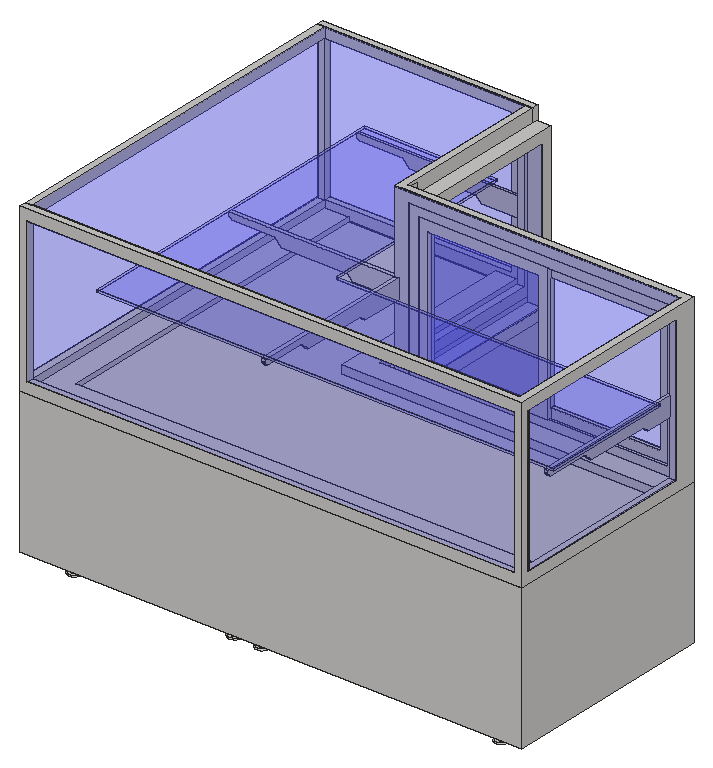
Revit family "Food-Service-Equipment_Oscartek_Italia_1-A90-A1_cat", category Specialty Equipment, Revit 2026
Family settings
  Round Connector Dimension = Use Diameter
  Part Type = Normal
  Classification Number = 23.40.40.11.17
  Work Plane-Based = No
  Enable Cutting in Views = No
  Always vertical = Yes
  Cut with Voids When Loaded = No
  Maintain Annotation Orientation = No
  Shared = No
  Room Calculation Point = No
Parameters
  Weight in Pounds = 721
  Watts = 1320 W
  Volts = 220 V
  URL Cutsheet = "www.oscartek.com"
  URL = "www.oscartek.com"
  Type Comments = "As Specified"
  Test Data = "http://www.oscartek.com/company/clients.php"
  Specification by User = ""
  Specification by Manufacturer = ""
  Specification = "https://www.arcat.com/arcatcos/cos48/arc48760.html"
  Show Lift Up Front Glass [instance] = yes
  Show Clearance [instance] = yes
  Serial Number = ""
  Seismic Rating = ""
  Sales Information = "http://www.oscartek.com/company/contact.php"
  SMACNA No = ""
  Revision Code = ""
  Revision = "R1_2018-10"
  Refrigerant Volume = 0.00 kip
  Refrigerant Type = "R404A"
  Product Data = "http://www.oscartek.com/support/manuals/"
  Phase = 1
  Number of Poles = 1
  NAFEM Spec ID Number = ""
  Model = "ITALIA 1 A90-A1"
  Min Ckt Ampacity = 0 A
  Max Overcurrent Protection = 0 A
  Masterspec = ""
  Manufacturer Website = "http://www.oscartek.com/index.php"
  Manufacturer Phone - Toll Free = "855-885-2400"
  Manufacturer Phone = "650-342-2400"
  Manufacturer Fax = "650-342-7400"
  Manufacturer Address = "361 Beach Rd., Burlingame, CA 94010"
  Manufacturer = "OSCARTEK"
  Lift up front glass [instance] = and(Show Clearance, Show Lift Up Front Glass)  # yes
  Length = 72 1/16"
  Item Number = ""
  Installed By = ""
  Installation-Fabrication = "http://www.oscartek.com/support/manuals/"
  Identify Quantity as Lot = yes
  Height = 45 1/4"
  HP = ""
  Green Building-LEED = "https://www.arcat.com/green/green_building.shtml"
  Furnished By = ""
  Foodservice Equipment Identifier = yes
  FL Amps = 11 A
  Electrical Remarks = ""
  Electric Connection Type = ""
  Elec Conn RI Height = 0"
  Elec Conn Connection Height = 0"
  Drawn By = "Sumex Design, Inc. / Robert S. Weygant, CSI, CDT, SCIP"
  Description = "DELI/PASTRY SHOWCASE"
  Depth = 54 7/16"
  Default Elevation = 0"
  Cycle = 60 Hz
  Copyright = "©Arcat Inc."
  Construction Details = "http://www.oscartek.com/support/manuals/"
  Conn Plug = ""
  Conn Conduit = yes
  Category = ""
  CSI MasterFormat = "11 41 13"
  Building Codes = "https://www.arcat.com/arcatcos/cos48/arc48760.html"
  BTUH = 7500.0 Btu/h
  Apparent Power = 0 VA
Reference planes (in)
  plane 1 "BACK": y = 0
  plane 2: z = 0
  plane 3 "LEFT": x = 0
  plane 4 "RIGHT": x = 72.0625
  plane 5 "FRONT": y = -54.4375
  plane 6 "TOP": z = 45.25
  plane 7 "Center Y": x = 36.03125
  plane 8 "Center X": y = -27.21875
  plane 9: y = -2.06737
  plane 10: y = -21.69237
  plane 11: x = 41.125
  plane 12: x = 26.9375
  plane 13: y = -23.5
Forms (in)
  Extrusion 1, solid, material "QF_Metal - Stainless - Polished"
    sketch origin (33.1196, 0, 43.41639) x (0, 0, -1) y (0, 1, 0)
      loop
        line (24.10512, -0.5) -> (-0.05904, -0.5) -> (-0.05904, -23) -> (24.10512, -23) -> (24.10512, -0.5)
      loop
        line (1.44096, -21.5) -> (22.60512, -21.5) -> (22.60512, -2) -> (1.44096, -2) -> (1.44096, -21.5)
    from 0 to -2.1821
  Sweep 2, solid, material "Glass"
    path origin (72.0625, 0, 0) x (-1, 0, 0) y (0, -1, 0)
      loop
        line (0.25, 26.125) -> (43.73969, 26.125) -> (43.73969, 0.25)
    profile origin (28.32281, -13.1875, 0) x (-1, 0, 0) y (0, 0, 1)
      loop
        line (22.18718, 33.90148) -> (2.99968, 33.90148) -> (2.99968, 33.50785) -> (22.18718, 33.50785) -> (22.18718, 33.90148)
  Extrusion 3, solid, material "QF_Metal - Stainless - Polished"
    sketch origin (0, 0, 0) x (-1, 0, 0) y (0, 0, -1)
      loop
        line (0, -45.25) -> (0, -21.4357) -> (-30.9375, -21.4357) -> (-30.9375, -45.25) -> (0, -45.25)
      loop
        line (-1, -43.75) -> (-1, -22.9357) -> (-27.9375, -22.9357) -> (-27.9375, -43.75) -> (-1, -43.75)
    from 0 to 1
  Sweep 4, solid, material "QF_Metal - Stainless - Polished"
    path origin (72.0625, 0, 0) x (-1, 0, 0) y (0, -1, 0)
      loop
        line (72.0625, 1) -> (72.0625, 54.4375) -> (1, 54.4375)
    profile origin (0, -27.71875, 0) x (1, 0, 0) y (0, 0, 1)
      loop
        line (0, 0.73649) -> (30.9375, 0.73649) -> (30.9375, 21.4357) -> (28.69526, 21.4357) -> (28.69526, 22.51029) -> (25.69977, 22.51029) -> (25.69977, 21.36878) -> (4.48733, 21.36878) -> (4.48733, 21.97496) -> (1.10216, 21.97496) -> (1.10216, 21.4357) -> (0, 21.4357) -> (0, 0.73649)
  Extrusion 5, solid, material "QF_Metal - Stainless - Polished"
    sketch origin (72.0625, -54.4375, 0) x (-1, 0, 0) y (0, 0, -1)
      loop
        line (72.0625, -45.25) -> (72.0625, -21.4357) -> (0, -21.4357) -> (0, -45.25) -> (72.0625, -45.25)
      loop
        line (71.0625, -43.75) -> (71.0625, -22.9357) -> (1, -22.9357) -> (1, -43.75) -> (71.0625, -43.75)
    from 0 to -1
  Extrusion 6, solid, material "QF_Metal - Stainless - Polished"
    sketch origin (30.9375, 0, 45.25) x (0, 0, -1) y (0, 1, 0)
      loop
        line (0, -1) -> (0, -24.5) -> (23.8143, -24.5) -> (23.8143, -21.5) -> (2.5, -21.5) -> (2.5, -2) -> (23.8143, -2) -> (23.8143, -1) -> (0, -1)
    from 0 to -1
  Extrusion 7, solid, material "QF_Metal - Stainless - Polished"
    sketch origin (72.0625, -23.5, 48) x (1, 0, 0) y (0, 0, -1)
      loop
        line (0, 26.5643) -> (-1.5, 26.5643) -> (-1.5, 4.25) -> (-40.125, 4.25) -> (-40.125, 26.5643) -> (-41.125, 26.5643) -> (-41.125, 2.75) -> (0, 2.75) -> (0, 26.5643)
    from 0 to -1
  Extrusion 8, solid, material "QF_Metal - Stainless - Polished"
    sketch origin (71.8125, -23, 0) x (-1, 0, 0) y (0, 0, 1)
      loop
        line (38.96407, 18.86024) -> (38.96407, 18.74215) -> (40.79485, 18.74215) -> (40.79485, 17.87617) -> (40.875, 17.87617) -> (40.875, 18.86024) -> (38.96407, 18.86024)
    from 0 to 1
  Revolve 9, solid, material "QF_Metal - Stainless - Polished"
    sketch origin (71.8125, -22.5, 0) x (-1, 0, 0) y (0, 0, 1)
      loop
        line (39.5569, 18.86024) -> (39.75371, 18.86024) -> (39.75371, 19.31127) -> (39.5569, 19.31127) -> (39.5569, 18.86024)
      axis (39.5569, 19.31127) -> (39.5569, 18.86024)
    angle from 0 to 360
  Extrusion 10, solid, material "QF_Metal - Stainless - Polished"
    sketch origin (71.8125, -23, 62.7867) x (-1, 0, 0) y (0, 0, 1)
      loop
        line (38.96407, -18.86024) -> (40.875, -18.86024) -> (40.875, -17.87617) -> (40.79485, -17.87617) -> (40.79485, -18.74215) -> (38.96407, -18.74215) -> (38.96407, -18.86024)
    from 0 to 1
  Revolve 11, solid, material "QF_Metal - Stainless - Polished"
    sketch origin (71.8125, -22.5, 62.7867) x (-1, 0, 0) y (0, 0, 1)
      loop
        line (39.5569, -18.86024) -> (39.5569, -19.31127) -> (39.75371, -19.31127) -> (39.75371, -18.86024) -> (39.5569, -18.86024)
      axis (39.5569, -19.31127) -> (39.5569, -18.86024)
    angle from 0 to 360
  Extrusion 12, solid, material "QF_Metal - Stainless - Polished"
    sketch origin (72.0625, 0, 0) x (0, 1, 0) y (0, 0, -1)
      loop
        line (-53.4375, -43.75) -> (-53.4375, -45.25) -> (-1, -45.25) -> (-1, -43.75) -> (-53.4375, -43.75)
      loop
        line (-53.4375, -21.4357) -> (-53.4375, -22.9357) -> (-1, -22.9357) -> (-1, -21.4357) -> (-53.4375, -21.4357)
    from 71.0625 to 72.0625
  Extrusion 13, solid, material "Glass"
    sketch origin (0, 0, 45.25) x (1, 0, 0) y (0, 1, 0)
      loop
        line (1, -53.4375) -> (71.0625, -53.4375) -> (71.0625, -24.5) -> (29.9375, -24.5) -> (29.9375, -1) -> (1, -1) -> (1, -53.4375)
    from 0 to -0.125
  Extrusion 14, solid, material "Glass"
    sketch origin (72.0625, -54.4375, 0) x (-1, 0, 0) y (0, 0, -1)
      loop
        line (1, -22.9357) -> (1, -43.75) -> (71.0625, -43.75) -> (71.0625, -22.9357) -> (1, -22.9357)
    from 0 to -0.125
  Extrusion 15, solid, material "Glass"
    sketch origin (72.0625, -23.5, 21.4357) x (0, 0, 1) y (0, -1, 0)
      loop
        line (1.5, 3) -> (22.3143, 3) -> (22.3143, 29.4375) -> (1.5, 29.4375) -> (1.5, 3)
    from 0 to -0.125
  Extrusion 16, solid, material "Glass"
    sketch origin (0, 0, 45.25) x (0, 0, -1) y (0, -1, 0)
      loop
        line (22.3143, 53.4375) -> (1.5, 53.4375) -> (1.5, 1) -> (22.3143, 1) -> (22.3143, 53.4375)
    from 0 to -0.125
  Extrusion 17, solid, material "Glass"
    sketch origin (0, 0, 0) x (1, 0, 0) y (0, 0, -1)
      loop
        line (1, -22.9357) -> (1, -43.75) -> (27.9375, -43.75) -> (27.9375, -22.9357) -> (1, -22.9357)
    from 0 to -0.125
  Extrusion 18, solid, material "QF_Metal - Stainless - Polished"
    sketch origin (72.0625, -23.5, 48) x (1, 0, 0) y (0, 0, -1)
      loop
        line (-2.875, 5.625) -> (-2.875, 25.1893) -> (-21.5, 25.1893) -> (-21.5, 5.625) -> (-2.875, 5.625)
      loop
        line (-20.125, 7) -> (-4.25, 7) -> (-4.25, 23.8143) -> (-20.125, 23.8143) -> (-20.125, 7)
    from 0 to -0.5
  Extrusion 19, solid, material "QF_Metal - Stainless - Polished"
    sketch origin (72.0625, -23.5, 48) x (1, 0, 0) y (0, 0, -1)
      loop
        line (-38.75, 25.1893) -> (-38.75, 5.625) -> (-20.125, 5.625) -> (-20.125, 25.1893) -> (-38.75, 25.1893)
      loop
        line (-37.375, 7) -> (-21.5, 7) -> (-21.5, 23.8143) -> (-37.375, 23.8143) -> (-37.375, 7)
    from -1 to -0.5
  Extrusion 20, solid, material "QF_Metal - Stainless - Polished"
    sketch origin (72.0625, -23.5, 48) x (1, 0, 0) y (0, 0, -1)
      loop
        line (-40.125, 26.5643) -> (-40.125, 4.25) -> (-1.5, 4.25) -> (-1.5, 26.5643) -> (-40.125, 26.5643)
      loop
        line (-2.875, 5.625) -> (-2.875, 25.1893) -> (-38.75, 25.1893) -> (-38.75, 5.625) -> (-2.875, 5.625)
    from 0 to -1
  Extrusion 21, solid, material "QF_Metal - Stainless - Polished"
    sketch origin (72.0625, 0, 0) x (0, 1, 0) y (0, 0, -1)
      loop
        line (-23.5, -21.4357) -> (-54.4375, -21.4357) -> (-54.4375, -45.25) -> (-23.5, -45.25) -> (-23.5, -21.4357)
      loop
        line (-26.5, -43.75) -> (-26.5, -22.9357) -> (-53.4375, -22.9357) -> (-53.4375, -43.75) -> (-26.5, -43.75)
    from 0 to 1
  Extrusion 22, solid, material "QF_Metal - Stainless - Polished"
    sketch origin (72.0625, 0, 0) x (0, 1, 0) y (0, 0, -1)
      loop
        line (-1, -45.25) -> (-1, -21.4357) -> (-24.5, -21.4357) -> (-24.5, -45.25) -> (-1, -45.25)
      loop
        line (-2.5, -43.75) -> (-2.5, -22.9357) -> (-23, -22.9357) -> (-23, -43.75) -> (-2.5, -43.75)
    from 41.125 to 42.125
  Extrusion 23, solid, material "Glass"
    sketch origin (33.1196, 0, 43.41639) x (0, 0, -1) y (0, 1, 0)
      loop
        line (22.60512, -2) -> (1.44096, -2) -> (1.44096, -21.5) -> (22.60512, -21.5) -> (22.60512, -2)
    from 0 to -0.125
  Extrusion 24, solid, material "Glass"
    sketch origin (72.0625, -24, 48) x (1, 0, 0) y (0, 0, -1)
      loop
        line (-37.375, 23.8143) -> (-37.375, 7) -> (-21.5, 7) -> (-21.5, 23.8143) -> (-37.375, 23.8143)
    from 0 to -0.125
  Extrusion 25, solid, material "Glass"
    sketch origin (72.0625, -23.5, 48) x (1, 0, 0) y (0, 0, -1)
      loop
        line (-20.125, 23.8143) -> (-20.125, 7) -> (-4.25, 7) -> (-4.25, 23.8143) -> (-20.125, 23.8143)
    from 0 to -0.125
  Extrusion 26, solid, material "QF_Metal - Stainless - Polished"
    sketch origin (0, -1, 0) x (-1, 0, 0) y (0, 0, 1)
      loop
        line (0, 21.4357) -> (-30.9375, 21.4357) -> (-30.9375, 0.73649) -> (0, 0.73649) -> (0, 21.4357)
    from 0 to 1
  Extrusion 27, solid, material "QF_Metal - Stainless - Polished"
    sketch origin (0, 0, 0) x (-1, 0, 0) y (0, 0, -1)
      loop
        line (-29.9375, -30.7387) -> (-29.9375, -33.50785) -> (-6.06808, -33.50785) -> (-6.06808, -33.07064)
        arc (-6.06808, -33.07064) -> (-6.07707, -33.02545) -> (-6.10267, -32.98714) r 0.11809
        line (-6.10267, -32.98714) -> (-6.42759, -32.66279)
        arc (-6.42759, -32.66279) -> (-6.46604, -32.637) -> (-6.51145, -32.62794) r 0.11833
        line (-6.51145, -32.62794) -> (-12.61607, -32.62811) -> (-13.70445, -31.53973) -> (-23.15145, -31.53973) -> (-23.95248, -30.7387) -> (-29.9375, -30.7387)
    from 1 to 1.5
  Extrusion 28, solid, material "QF_Metal - Stainless - Polished"
    sketch origin (72.0625, -23, 0) x (-1, 0, 0) y (0, 0, -1)
      loop
        line (42.125, -30.7387) -> (42.125, -33.50785) -> (65.99442, -33.50785) -> (65.99442, -33.07064)
        arc (65.99442, -33.07064) -> (65.98543, -33.02545) -> (65.95983, -32.98714) r 0.11809
        line (65.95983, -32.98714) -> (65.63491, -32.66279)
        arc (65.63491, -32.66279) -> (65.59646, -32.637) -> (65.55105, -32.62794) r 0.11833
        line (65.55105, -32.62794) -> (59.44643, -32.62811) -> (58.35805, -31.53973) -> (48.91105, -31.53973) -> (48.11002, -30.7387) -> (42.125, -30.7387)
    from 1 to 1.5
  Extrusion 29, solid, material "QF_Metal - Stainless - Polished"
    sketch origin (28.9375, 17.625, 0) x (0, -1, 0) y (0, 0, -1)
      loop
        line (42.125, -30.7387) -> (42.125, -33.50785) -> (65.99442, -33.50785) -> (65.99442, -33.07064)
        arc (65.99442, -33.07064) -> (65.98543, -33.02545) -> (65.95983, -32.98714) r 0.11809
        line (65.95983, -32.98714) -> (65.63491, -32.66279)
        arc (65.63491, -32.66279) -> (65.59646, -32.637) -> (65.55105, -32.62794) r 0.11833
        line (65.55105, -32.62794) -> (59.44643, -32.62811) -> (58.35805, -31.53973) -> (48.91105, -31.53973) -> (48.11002, -30.7387) -> (42.125, -30.7387)
    from 1 to 1.5
  Extrusion 30, solid, material "QF_Metal - Stainless - Polished"
    sketch origin (69.5625, 17.625, 0) x (0, -1, 0) y (0, 0, -1)
      loop
        line (42.125, -30.7387) -> (42.125, -33.50785) -> (65.99442, -33.50785) -> (65.99442, -33.07064)
        arc (65.99442, -33.07064) -> (65.98543, -33.02545) -> (65.95983, -32.98714) r 0.11809
        line (65.95983, -32.98714) -> (65.63491, -32.66279)
        arc (65.63491, -32.66279) -> (65.59646, -32.637) -> (65.55105, -32.62794) r 0.11833
        line (65.55105, -32.62794) -> (59.44643, -32.62811) -> (58.35805, -31.53973) -> (48.91105, -31.53973) -> (48.11002, -30.7387) -> (42.125, -30.7387)
    from 1 to 1.5
  Extrusion 31, solid, material "QF_Door-Drawer Clearances", visible <- "Show Clearance", detail levels coarse
    sketch origin (72.0625, 0, 0) x (-1, 0, 0) y (0, -1, 0)
      loop
        line (38.9429, 0.5) -> (38.9429, 23) -> (16.4429, 23)
        arc (16.4429, 23) -> (23.033, 7.0901) -> (38.9429, 0.5) r 22.5
    from 19.31127 to 43.47543
  Extrusion 32, solid, material "QF_Plastic - Black - Smooth"
    sketch origin (0, 0, 0) x (-1, 0, 0) y (0, 0, -1)
      loop
        line (-40.82236, -11.96725) -> (-38.73924, -11.96725) -> (-38.73924, -11.02611) -> (-40.82236, -11.02611) -> (-40.82236, -11.96725)
      loop
        line (-36.76638, -11.96725) -> (-36.23871, -11.96725) -> (-36.23871, -11.55772) -> (-36.76638, -11.55772) -> (-36.76638, -11.96725)
      loop
        line (-37.37675, -11.96725) -> (-36.84907, -11.96725) -> (-36.84907, -11.55772) -> (-37.37675, -11.55772) -> (-37.37675, -11.96725)
      loop
        line (-37.98711, -11.96725) -> (-37.45944, -11.96725) -> (-37.45944, -11.55772) -> (-37.98711, -11.55772) -> (-37.98711, -11.96725)
      loop
        line (-38.59748, -11.96725) -> (-38.06981, -11.96725) -> (-38.06981, -11.55772) -> (-38.59748, -11.55772) -> (-38.59748, -11.96725)
      loop
        line (-36.76638, -11.45332) -> (-36.23871, -11.45332) -> (-36.23871, -11.04378) -> (-36.76638, -11.04378) -> (-36.76638, -11.45332)
      loop
        line (-37.37675, -11.45332) -> (-36.84907, -11.45332) -> (-36.84907, -11.04378) -> (-37.37675, -11.04378) -> (-37.37675, -11.45332)
      loop
        line (-37.98711, -11.45332) -> (-37.45944, -11.45332) -> (-37.45944, -11.04378) -> (-37.98711, -11.04378) -> (-37.98711, -11.45332)
      loop
        line (-38.59748, -11.45332) -> (-38.06981, -11.45332) -> (-38.06981, -11.04378) -> (-38.59748, -11.04378) -> (-38.59748, -11.45332)
      loop
        circle (-34.59269, -7.24184) r 0.25596
    from 23.375 to 23.5
  Revolve 33, solid, material "QF_Metal - Stainless - Polished"
    sketch origin (33.69331, -1, 0) x (-1, 0, 0) y (0, 0, -1)
      loop
        line (3.94297, -0.73649) -> (3.94297, -0.53581) -> (3.80514, -0.53581) -> (3.80514, -0.37829) -> (3.98235, -0.37829) -> (3.98235, -0.2106) -> (4.53253, -0.2106) -> (4.58287, -0.10265) -> (4.35232, 0) -> (3.60825, 0) -> (3.60825, -0.73649) -> (3.94297, -0.73649)
      axis (3.60825, 0) -> (3.60825, -0.73649)
    angle from 0 to 360
  Revolve 34, solid, material "QF_Metal - Stainless - Polished"
    sketch origin (10.65698, -1, 0) x (-1, 0, 0) y (0, 0, -1)
      loop
        line (3.94297, -0.73649) -> (3.94297, -0.53581) -> (3.80514, -0.53581) -> (3.80514, -0.37829) -> (3.98235, -0.37829) -> (3.98235, -0.2106) -> (4.53253, -0.2106) -> (4.58287, -0.10265) -> (4.35232, 0) -> (3.60825, 0) -> (3.60825, -0.73649) -> (3.94297, -0.73649)
      axis (3.60825, 0) -> (3.60825, -0.73649)
    angle from 0 to 360
  Revolve 35, solid, material "QF_Metal - Stainless - Polished"
    sketch origin (10.65698, -23.625, 0) x (-1, 0, 0) y (0, 0, 1)
      loop
        line (3.94297, 0.73649) -> (3.60825, 0.73649) -> (3.60825, 0) -> (4.35232, 0) -> (4.58287, 0.10265) -> (4.53253, 0.2106) -> (3.98235, 0.2106) -> (3.98235, 0.37829) -> (3.80514, 0.37829) -> (3.80514, 0.53581) -> (3.94297, 0.53581) -> (3.94297, 0.73649)
      axis (3.60825, 0) -> (3.60825, 0.73649)
    angle from 0 to 360
  Revolve 36, solid, material "QF_Metal - Stainless - Polished"
    sketch origin (72.0625, -26.45632, 0) x (-1, 0, 0) y (0, 0, 1)
      loop
        line (3.94297, 0.73649) -> (3.60825, 0.73649) -> (3.60825, 0) -> (4.35232, 0) -> (4.58287, 0.10265) -> (4.53253, 0.2106) -> (3.98235, 0.2106) -> (3.98235, 0.37829) -> (3.80514, 0.37829) -> (3.80514, 0.53581) -> (3.94297, 0.53581) -> (3.94297, 0.73649)
      axis (3.60825, 0) -> (3.60825, 0.73649)
    angle from 0 to 360
  Revolve 37, solid, material "QF_Metal - Stainless - Polished"
    sketch origin (37.65597, -26.45632, 0) x (-1, 0, 0) y (0, 0, 1)
      loop
        line (3.94297, 0.73649) -> (3.60825, 0.73649) -> (3.60825, 0) -> (4.35232, 0) -> (4.58287, 0.10265) -> (4.53253, 0.2106) -> (3.98235, 0.2106) -> (3.98235, 0.37829) -> (3.80514, 0.37829) -> (3.80514, 0.53581) -> (3.94297, 0.53581) -> (3.94297, 0.73649)
      axis (3.60825, 0) -> (3.60825, 0.73649)
    angle from 0 to 360
  Revolve 38, solid, material "QF_Metal - Stainless - Polished"
    sketch origin (33.69331, -26.45632, 0) x (-1, 0, 0) y (0, 0, 1)
      loop
        line (3.94297, 0.73649) -> (3.60825, 0.73649) -> (3.60825, 0) -> (4.35232, 0) -> (4.58287, 0.10265) -> (4.53253, 0.2106) -> (3.98235, 0.2106) -> (3.98235, 0.37829) -> (3.80514, 0.37829) -> (3.80514, 0.53581) -> (3.94297, 0.53581) -> (3.94297, 0.73649)
      axis (3.60825, 0) -> (3.60825, 0.73649)
    angle from 0 to 360
  Revolve 39, solid, material "QF_Metal - Stainless - Polished"
    sketch origin (72.0625, -53.4375, 0) x (-1, 0, 0) y (0, 0, 1)
      loop
        line (3.94297, 0.73649) -> (3.60825, 0.73649) -> (3.60825, 0) -> (4.35232, 0) -> (4.58287, 0.10265) -> (4.53253, 0.2106) -> (3.98235, 0.2106) -> (3.98235, 0.37829) -> (3.80514, 0.37829) -> (3.80514, 0.53581) -> (3.94297, 0.53581) -> (3.94297, 0.73649)
      axis (3.60825, 0) -> (3.60825, 0.73649)
    angle from 0 to 360
  Revolve 40, solid, material "QF_Metal - Stainless - Polished"
    sketch origin (37.65597, -53.4375, 0) x (-1, 0, 0) y (0, 0, 1)
      loop
        line (3.94297, 0.73649) -> (3.60825, 0.73649) -> (3.60825, 0) -> (4.35232, 0) -> (4.58287, 0.10265) -> (4.53253, 0.2106) -> (3.98235, 0.2106) -> (3.98235, 0.37829) -> (3.80514, 0.37829) -> (3.80514, 0.53581) -> (3.94297, 0.53581) -> (3.94297, 0.73649)
      axis (3.60825, 0) -> (3.60825, 0.73649)
    angle from 0 to 360
  Revolve 41, solid, material "QF_Metal - Stainless - Polished"
    sketch origin (33.69331, -53.4375, 0) x (-1, 0, 0) y (0, 0, 1)
      loop
        line (3.94297, 0.73649) -> (3.60825, 0.73649) -> (3.60825, 0) -> (4.35232, 0) -> (4.58287, 0.10265) -> (4.53253, 0.2106) -> (3.98235, 0.2106) -> (3.98235, 0.37829) -> (3.80514, 0.37829) -> (3.80514, 0.53581) -> (3.94297, 0.53581) -> (3.94297, 0.73649)
      axis (3.60825, 0) -> (3.60825, 0.73649)
    angle from 0 to 360
  Revolve 42, solid, material "QF_Metal - Stainless - Polished"
    sketch origin (10.65698, -53.4375, 0) x (-1, 0, 0) y (0, 0, 1)
      loop
        line (3.94297, 0.73649) -> (3.60825, 0.73649) -> (3.60825, 0) -> (4.35232, 0) -> (4.58287, 0.10265) -> (4.53253, 0.2106) -> (3.98235, 0.2106) -> (3.98235, 0.37829) -> (3.80514, 0.37829) -> (3.80514, 0.53581) -> (3.94297, 0.53581) -> (3.94297, 0.73649)
      axis (3.60825, 0) -> (3.60825, 0.73649)
    angle from 0 to 360
  Extrusion 43, solid, material "QF_Door-Drawer Clearances", visible <- "Lift up front glass", detail levels coarse
    sketch origin (0, -1, 0) x (0, 0, 1) y (1, 0, 0)
      loop
        arc (21.4357, 0) -> (36.13666, -22.00155) -> (62.08926, -16.83926) r 23.8143
        line (62.08926, -16.83926) -> (45.25, 0) -> (21.4357, 0)
    from 1 to -53.4375
  Extrusion 44, solid, material "QF_Door-Drawer Clearances", visible <- "Lift up front glass", detail levels coarse
    sketch origin (71.0625, -54.4375, 0) x (0, 1, 0) y (0, 0, 1)
      loop
        line (0, 45.25) -> (-16.83926, 62.08926)
        arc (-16.83926, 62.08926) -> (-22.00155, 36.13666) -> (0, 21.4357) r 23.8143
        line (0, 21.4357) -> (0, 45.25)
    from 1 to -71.0625
  Extrusion 45, solid, material "QF_Metal - Stainless - Polished"
    sketch origin (71.0625, -54.4375, 0) x (0, 0, 1) y (0, -1, 0)
      loop
        line (21.4357, -30.9375) -> (21.4357, 0) -> (0.73649, 0) -> (0.73649, -30.9375) -> (21.4357, -30.9375)
    from 0 to 1
  Extrusion 46, void
    sketch origin (30.9375, -23.5, 21.4357) x (1, 0, 0) y (0, 0, -1)
      loop
        line (21.8573, 8.64192) -> (22.82429, 8.64192) -> (23.32525, 8.78557) -> (23.32525, 8.93682) -> (21.35633, 8.93682) -> (21.35633, 8.78557) -> (21.8573, 8.64192)
      loop
        line (24.06249, 8.64192) -> (25.02948, 8.64192) -> (25.53044, 8.78557) -> (25.53044, 8.93682) -> (23.56152, 8.93682) -> (23.56152, 8.78557) -> (24.06249, 8.64192)
      loop
        line (26.26768, 8.64192) -> (27.23467, 8.64192) -> (27.73564, 8.78557) -> (27.73564, 8.93682) -> (25.76671, 8.93682) -> (25.76671, 8.78557) -> (26.26768, 8.64192)
      loop
        line (28.47287, 8.64192) -> (29.43986, 8.64192) -> (29.94083, 8.78557) -> (29.94083, 8.93682) -> (27.97191, 8.93682) -> (27.97191, 8.78557) -> (28.47287, 8.64192)
      loop
        line (30.67806, 8.64192) -> (31.64505, 8.64192) -> (32.14602, 8.78557) -> (32.14602, 8.93682) -> (30.1771, 8.93682) -> (30.1771, 8.78557) -> (30.67806, 8.64192)
      loop
        line (21.8573, 9.07508) -> (22.82429, 9.07508) -> (23.32525, 9.21873) -> (23.32525, 9.36999) -> (21.35633, 9.36999) -> (21.35633, 9.21873) -> (21.8573, 9.07508)
      loop
        line (24.06249, 9.07508) -> (25.02948, 9.07508) -> (25.53044, 9.21873) -> (25.53044, 9.36999) -> (23.56152, 9.36999) -> (23.56152, 9.21873) -> (24.06249, 9.07508)
      loop
        line (26.26768, 9.07508) -> (27.23467, 9.07508) -> (27.73564, 9.21873) -> (27.73564, 9.36999) -> (25.76671, 9.36999) -> (25.76671, 9.21873) -> (26.26768, 9.07508)
      loop
        line (28.47287, 9.07508) -> (29.43986, 9.07508) -> (29.94083, 9.21873) -> (29.94083, 9.36999) -> (27.97191, 9.36999) -> (27.97191, 9.21873) -> (28.47287, 9.07508)
      loop
        line (30.67806, 9.07508) -> (31.64505, 9.07508) -> (32.14602, 9.21873) -> (32.14602, 9.36999) -> (30.1771, 9.36999) -> (30.1771, 9.21873) -> (30.67806, 9.07508)
      loop
        line (21.8573, 9.50824) -> (22.82429, 9.50824) -> (23.32525, 9.65189) -> (23.32525, 9.80315) -> (21.35633, 9.80315) -> (21.35633, 9.65189) -> (21.8573, 9.50824)
      loop
        line (24.06249, 9.50824) -> (25.02948, 9.50824) -> (25.53044, 9.65189) -> (25.53044, 9.80315) -> (23.56152, 9.80315) -> (23.56152, 9.65189) -> (24.06249, 9.50824)
      loop
        line (26.26768, 9.50824) -> (27.23467, 9.50824) -> (27.73564, 9.65189) -> (27.73564, 9.80315) -> (25.76671, 9.80315) -> (25.76671, 9.65189) -> (26.26768, 9.50824)
      loop
        line (28.47287, 9.50824) -> (29.43986, 9.50824) -> (29.94083, 9.65189) -> (29.94083, 9.80315) -> (27.97191, 9.80315) -> (27.97191, 9.65189) -> (28.47287, 9.50824)
      loop
        line (30.67806, 9.50824) -> (31.64505, 9.50824) -> (32.14602, 9.65189) -> (32.14602, 9.80315) -> (30.1771, 9.80315) -> (30.1771, 9.65189) -> (30.67806, 9.50824)
      loop
        line (21.8573, 9.94141) -> (22.82429, 9.94141) -> (23.32525, 10.08506) -> (23.32525, 10.23631) -> (21.35633, 10.23631) -> (21.35633, 10.08506) -> (21.8573, 9.94141)
      loop
        line (24.06249, 9.94141) -> (25.02948, 9.94141) -> (25.53044, 10.08506) -> (25.53044, 10.23631) -> (23.56152, 10.23631) -> (23.56152, 10.08506) -> (24.06249, 9.94141)
      loop
        line (26.26768, 9.94141) -> (27.23467, 9.94141) -> (27.73564, 10.08506) -> (27.73564, 10.23631) -> (25.76671, 10.23631) -> (25.76671, 10.08506) -> (26.26768, 9.94141)
      loop
        line (28.47287, 9.94141) -> (29.43986, 9.94141) -> (29.94083, 10.08506) -> (29.94083, 10.23631) -> (27.97191, 10.23631) -> (27.97191, 10.08506) -> (28.47287, 9.94141)
      loop
        line (30.67806, 9.94141) -> (31.64505, 9.94141) -> (32.14602, 10.08506) -> (32.14602, 10.23631) -> (30.1771, 10.23631) -> (30.1771, 10.08506) -> (30.67806, 9.94141)
      loop
        line (21.8573, 10.37457) -> (22.82429, 10.37457) -> (23.32525, 10.51822) -> (23.32525, 10.66947) -> (21.35633, 10.66947) -> (21.35633, 10.51822) -> (21.8573, 10.37457)
      loop
        line (24.06249, 10.37457) -> (25.02948, 10.37457) -> (25.53044, 10.51822) -> (25.53044, 10.66947) -> (23.56152, 10.66947) -> (23.56152, 10.51822) -> (24.06249, 10.37457)
      loop
        line (26.26768, 10.37457) -> (27.23467, 10.37457) -> (27.73564, 10.51822) -> (27.73564, 10.66947) -> (25.76671, 10.66947) -> (25.76671, 10.51822) -> (26.26768, 10.37457)
      loop
        line (28.47287, 10.37457) -> (29.43986, 10.37457) -> (29.94083, 10.51822) -> (29.94083, 10.66947) -> (27.97191, 10.66947) -> (27.97191, 10.51822) -> (28.47287, 10.37457)
      loop
        line (30.67806, 10.37457) -> (31.64505, 10.37457) -> (32.14602, 10.51822) -> (32.14602, 10.66947) -> (30.1771, 10.66947) -> (30.1771, 10.51822) -> (30.67806, 10.37457)
      loop
        line (21.8573, 10.80773) -> (22.82429, 10.80773) -> (23.32525, 10.95138) -> (23.32525, 11.10264) -> (21.35633, 11.10264) -> (21.35633, 10.95138) -> (21.8573, 10.80773)
      loop
        line (24.06249, 10.80773) -> (25.02948, 10.80773) -> (25.53044, 10.95138) -> (25.53044, 11.10264) -> (23.56152, 11.10264) -> (23.56152, 10.95138) -> (24.06249, 10.80773)
      loop
        line (26.26768, 10.80773) -> (27.23467, 10.80773) -> (27.73564, 10.95138) -> (27.73564, 11.10264) -> (25.76671, 11.10264) -> (25.76671, 10.95138) -> (26.26768, 10.80773)
      loop
        line (28.47287, 10.80773) -> (29.43986, 10.80773) -> (29.94083, 10.95138) -> (29.94083, 11.10264) -> (27.97191, 11.10264) -> (27.97191, 10.95138) -> (28.47287, 10.80773)
      loop
        line (30.67806, 10.80773) -> (31.64505, 10.80773) -> (32.14602, 10.95138) -> (32.14602, 11.10264) -> (30.1771, 11.10264) -> (30.1771, 10.95138) -> (30.67806, 10.80773)
      loop
        line (21.8573, 11.24089) -> (22.82429, 11.24089) -> (23.32525, 11.38454) -> (23.32525, 11.5358) -> (21.35633, 11.5358) -> (21.35633, 11.38454) -> (21.8573, 11.24089)
      loop
        line (24.06249, 11.24089) -> (25.02948, 11.24089) -> (25.53044, 11.38454) -> (25.53044, 11.5358) -> (23.56152, 11.5358) -> (23.56152, 11.38454) -> (24.06249, 11.24089)
      loop
        line (26.26768, 11.24089) -> (27.23467, 11.24089) -> (27.73564, 11.38454) -> (27.73564, 11.5358) -> (25.76671, 11.5358) -> (25.76671, 11.38454) -> (26.26768, 11.24089)
      loop
        line (28.47287, 11.24089) -> (29.43986, 11.24089) -> (29.94083, 11.38454) -> (29.94083, 11.5358) -> (27.97191, 11.5358) -> (27.97191, 11.38454) -> (28.47287, 11.24089)
      loop
        line (30.67806, 11.24089) -> (31.64505, 11.24089) -> (32.14602, 11.38454) -> (32.14602, 11.5358) -> (30.1771, 11.5358) -> (30.1771, 11.38454) -> (30.67806, 11.24089)
      loop
        line (21.8573, 11.67406) -> (22.82429, 11.67406) -> (23.32525, 11.81771) -> (23.32525, 11.96896) -> (21.35633, 11.96896) -> (21.35633, 11.81771) -> (21.8573, 11.67406)
      loop
        line (24.06249, 11.67406) -> (25.02948, 11.67406) -> (25.53044, 11.81771) -> (25.53044, 11.96896) -> (23.56152, 11.96896) -> (23.56152, 11.81771) -> (24.06249, 11.67406)
      loop
        line (26.26768, 11.67406) -> (27.23467, 11.67406) -> (27.73564, 11.81771) -> (27.73564, 11.96896) -> (25.76671, 11.96896) -> (25.76671, 11.81771) -> (26.26768, 11.67406)
      loop
        line (28.47287, 11.67406) -> (29.43986, 11.67406) -> (29.94083, 11.81771) -> (29.94083, 11.96896) -> (27.97191, 11.96896) -> (27.97191, 11.81771) -> (28.47287, 11.67406)
      loop
        line (30.67806, 11.67406) -> (31.64505, 11.67406) -> (32.14602, 11.81771) -> (32.14602, 11.96896) -> (30.1771, 11.96896) -> (30.1771, 11.81771) -> (30.67806, 11.67406)
      loop
        line (21.8573, 12.10722) -> (22.82429, 12.10722) -> (23.32525, 12.25087) -> (23.32525, 12.40212) -> (21.35633, 12.40212) -> (21.35633, 12.25087) -> (21.8573, 12.10722)
      loop
        line (24.06249, 12.10722) -> (25.02948, 12.10722) -> (25.53044, 12.25087) -> (25.53044, 12.40212) -> (23.56152, 12.40212) -> (23.56152, 12.25087) -> (24.06249, 12.10722)
      loop
        line (26.26768, 12.10722) -> (27.23467, 12.10722) -> (27.73564, 12.25087) -> (27.73564, 12.40212) -> (25.76671, 12.40212) -> (25.76671, 12.25087) -> (26.26768, 12.10722)
      loop
        line (28.47287, 12.10722) -> (29.43986, 12.10722) -> (29.94083, 12.25087) -> (29.94083, 12.40212) -> (27.97191, 12.40212) -> (27.97191, 12.25087) -> (28.47287, 12.10722)
      loop
        line (30.67806, 12.10722) -> (31.64505, 12.10722) -> (32.14602, 12.25087) -> (32.14602, 12.40212) -> (30.1771, 12.40212) -> (30.1771, 12.25087) -> (30.67806, 12.10722)
      loop
        line (21.8573, 12.54038) -> (22.82429, 12.54038) -> (23.32525, 12.68403) -> (23.32525, 12.83529) -> (21.35633, 12.83529) -> (21.35633, 12.68403) -> (21.8573, 12.54038)
      loop
        line (24.06249, 12.54038) -> (25.02948, 12.54038) -> (25.53044, 12.68403) -> (25.53044, 12.83529) -> (23.56152, 12.83529) -> (23.56152, 12.68403) -> (24.06249, 12.54038)
      loop
        line (26.26768, 12.54038) -> (27.23467, 12.54038) -> (27.73564, 12.68403) -> (27.73564, 12.83529) -> (25.76671, 12.83529) -> (25.76671, 12.68403) -> (26.26768, 12.54038)
      loop
        line (28.47287, 12.54038) -> (29.43986, 12.54038) -> (29.94083, 12.68403) -> (29.94083, 12.83529) -> (27.97191, 12.83529) -> (27.97191, 12.68403) -> (28.47287, 12.54038)
      loop
        line (30.67806, 12.54038) -> (31.64505, 12.54038) -> (32.14602, 12.68403) -> (32.14602, 12.83529) -> (30.1771, 12.83529) -> (30.1771, 12.68403) -> (30.67806, 12.54038)
      loop
        line (21.8573, 12.97354) -> (22.82429, 12.97354) -> (23.32525, 13.11719) -> (23.32525, 13.26845) -> (21.35633, 13.26845) -> (21.35633, 13.11719) -> (21.8573, 12.97354)
      loop
        line (24.06249, 12.97354) -> (25.02948, 12.97354) -> (25.53044, 13.11719) -> (25.53044, 13.26845) -> (23.56152, 13.26845) -> (23.56152, 13.11719) -> (24.06249, 12.97354)
      loop
        line (26.26768, 12.97354) -> (27.23467, 12.97354) -> (27.73564, 13.11719) -> (27.73564, 13.26845) -> (25.76671, 13.26845) -> (25.76671, 13.11719) -> (26.26768, 12.97354)
      loop
        line (28.47287, 12.97354) -> (29.43986, 12.97354) -> (29.94083, 13.11719) -> (29.94083, 13.26845) -> (27.97191, 13.26845) -> (27.97191, 13.11719) -> (28.47287, 12.97354)
      loop
        line (30.67806, 12.97354) -> (31.64505, 12.97354) -> (32.14602, 13.11719) -> (32.14602, 13.26845) -> (30.1771, 13.26845) -> (30.1771, 13.11719) -> (30.67806, 12.97354)
      loop
        line (21.8573, 13.40671) -> (22.82429, 13.40671) -> (23.32525, 13.55036) -> (23.32525, 13.70161) -> (21.35633, 13.70161) -> (21.35633, 13.55036) -> (21.8573, 13.40671)
      loop
        line (24.06249, 13.40671) -> (25.02948, 13.40671) -> (25.53044, 13.55036) -> (25.53044, 13.70161) -> (23.56152, 13.70161) -> (23.56152, 13.55036) -> (24.06249, 13.40671)
      loop
        line (26.26768, 13.40671) -> (27.23467, 13.40671) -> (27.73564, 13.55036) -> (27.73564, 13.70161) -> (25.76671, 13.70161) -> (25.76671, 13.55036) -> (26.26768, 13.40671)
      loop
        line (28.47287, 13.40671) -> (29.43986, 13.40671) -> (29.94083, 13.55036) -> (29.94083, 13.70161) -> (27.97191, 13.70161) -> (27.97191, 13.55036) -> (28.47287, 13.40671)
      loop
        line (30.67806, 13.40671) -> (31.64505, 13.40671) -> (32.14602, 13.55036) -> (32.14602, 13.70161) -> (30.1771, 13.70161) -> (30.1771, 13.55036) -> (30.67806, 13.40671)
      loop
        line (21.8573, 13.83987) -> (22.82429, 13.83987) -> (23.32525, 13.98352) -> (23.32525, 14.13477) -> (21.35633, 14.13477) -> (21.35633, 13.98352) -> (21.8573, 13.83987)
      loop
        line (24.06249, 13.83987) -> (25.02948, 13.83987) -> (25.53044, 13.98352) -> (25.53044, 14.13477) -> (23.56152, 14.13477) -> (23.56152, 13.98352) -> (24.06249, 13.83987)
      loop
        line (26.26768, 13.83987) -> (27.23467, 13.83987) -> (27.73564, 13.98352) -> (27.73564, 14.13477) -> (25.76671, 14.13477) -> (25.76671, 13.98352) -> (26.26768, 13.83987)
      loop
        line (28.47287, 13.83987) -> (29.43986, 13.83987) -> (29.94083, 13.98352) -> (29.94083, 14.13477) -> (27.97191, 14.13477) -> (27.97191, 13.98352) -> (28.47287, 13.83987)
      loop
        line (30.67806, 13.83987) -> (31.64505, 13.83987) -> (32.14602, 13.98352) -> (32.14602, 14.13477) -> (30.1771, 14.13477) -> (30.1771, 13.98352) -> (30.67806, 13.83987)
      loop
        line (21.8573, 14.27303) -> (22.82429, 14.27303) -> (23.32525, 14.41668) -> (23.32525, 14.56794) -> (21.35633, 14.56794) -> (21.35633, 14.41668) -> (21.8573, 14.27303)
      loop
        line (24.06249, 14.27303) -> (25.02948, 14.27303) -> (25.53044, 14.41668) -> (25.53044, 14.56794) -> (23.56152, 14.56794) -> (23.56152, 14.41668) -> (24.06249, 14.27303)
      loop
        line (26.26768, 14.27303) -> (27.23467, 14.27303) -> (27.73564, 14.41668) -> (27.73564, 14.56794) -> (25.76671, 14.56794) -> (25.76671, 14.41668) -> (26.26768, 14.27303)
      loop
        line (28.47287, 14.27303) -> (29.43986, 14.27303) -> (29.94083, 14.41668) -> (29.94083, 14.56794) -> (27.97191, 14.56794) -> (27.97191, 14.41668) -> (28.47287, 14.27303)
      loop
        line (30.67806, 14.27303) -> (31.64505, 14.27303) -> (32.14602, 14.41668) -> (32.14602, 14.56794) -> (30.1771, 14.56794) -> (30.1771, 14.41668) -> (30.67806, 14.27303)
      loop
        line (21.8573, 14.70619) -> (22.82429, 14.70619) -> (23.32525, 14.84984) -> (23.32525, 15.0011) -> (21.35633, 15.0011) -> (21.35633, 14.84984) -> (21.8573, 14.70619)
      loop
        line (24.06249, 14.70619) -> (25.02948, 14.70619) -> (25.53044, 14.84984) -> (25.53044, 15.0011) -> (23.56152, 15.0011) -> (23.56152, 14.84984) -> (24.06249, 14.70619)
      loop
        line (26.26768, 14.70619) -> (27.23467, 14.70619) -> (27.73564, 14.84984) -> (27.73564, 15.0011) -> (25.76671, 15.0011) -> (25.76671, 14.84984) -> (26.26768, 14.70619)
      loop
        line (28.47287, 14.70619) -> (29.43986, 14.70619) -> (29.94083, 14.84984) -> (29.94083, 15.0011) -> (27.97191, 15.0011) -> (27.97191, 14.84984) -> (28.47287, 14.70619)
      loop
        line (30.67806, 14.70619) -> (31.64505, 14.70619) -> (32.14602, 14.84984) -> (32.14602, 15.0011) -> (30.1771, 15.0011) -> (30.1771, 14.84984) -> (30.67806, 14.70619)
      loop
        line (21.8573, 15.13936) -> (22.82429, 15.13936) -> (23.32525, 15.28301) -> (23.32525, 15.43426) -> (21.35633, 15.43426) -> (21.35633, 15.28301) -> (21.8573, 15.13936)
      loop
        line (24.06249, 15.13936) -> (25.02948, 15.13936) -> (25.53044, 15.28301) -> (25.53044, 15.43426) -> (23.56152, 15.43426) -> (23.56152, 15.28301) -> (24.06249, 15.13936)
      loop
        line (26.26768, 15.13936) -> (27.23467, 15.13936) -> (27.73564, 15.28301) -> (27.73564, 15.43426) -> (25.76671, 15.43426) -> (25.76671, 15.28301) -> (26.26768, 15.13936)
      loop
        line (28.47287, 15.13936) -> (29.43986, 15.13936) -> (29.94083, 15.28301) -> (29.94083, 15.43426) -> (27.97191, 15.43426) -> (27.97191, 15.28301) -> (28.47287, 15.13936)
      loop
        line (30.67806, 15.13936) -> (31.64505, 15.13936) -> (32.14602, 15.28301) -> (32.14602, 15.43426) -> (30.1771, 15.43426) -> (30.1771, 15.28301) -> (30.67806, 15.13936)
      loop
        line (21.8573, 16.00568) -> (22.82429, 16.00568) -> (23.32525, 16.14933) -> (23.32525, 16.30059) -> (21.35633, 16.30059) -> (21.35633, 16.14933) -> (21.8573, 16.00568)
      loop
        line (24.06249, 16.00568) -> (25.02948, 16.00568) -> (25.53044, 16.14933) -> (25.53044, 16.30059) -> (23.56152, 16.30059) -> (23.56152, 16.14933) -> (24.06249, 16.00568)
      loop
        line (26.26768, 16.00568) -> (27.23467, 16.00568) -> (27.73564, 16.14933) -> (27.73564, 16.30059) -> (25.76671, 16.30059) -> (25.76671, 16.14933) -> (26.26768, 16.00568)
      loop
        line (28.47287, 16.00568) -> (29.43986, 16.00568) -> (29.94083, 16.14933) -> (29.94083, 16.30059) -> (27.97191, 16.30059) -> (27.97191, 16.14933) -> (28.47287, 16.00568)
      loop
        line (30.67806, 16.00568) -> (31.64505, 16.00568) -> (32.14602, 16.14933) -> (32.14602, 16.30059) -> (30.1771, 16.30059) -> (30.1771, 16.14933) -> (30.67806, 16.00568)
      loop
        line (21.8573, 16.43884) -> (22.82429, 16.43884) -> (23.32525, 16.58249) -> (23.32525, 16.73375) -> (21.35633, 16.73375) -> (21.35633, 16.58249) -> (21.8573, 16.43884)
      loop
        line (24.06249, 16.43884) -> (25.02948, 16.43884) -> (25.53044, 16.58249) -> (25.53044, 16.73375) -> (23.56152, 16.73375) -> (23.56152, 16.58249) -> (24.06249, 16.43884)
      loop
        line (26.26768, 16.43884) -> (27.23467, 16.43884) -> (27.73564, 16.58249) -> (27.73564, 16.73375) -> (25.76671, 16.73375) -> (25.76671, 16.58249) -> (26.26768, 16.43884)
      loop
        line (28.47287, 16.43884) -> (29.43986, 16.43884) -> (29.94083, 16.58249) -> (29.94083, 16.73375) -> (27.97191, 16.73375) -> (27.97191, 16.58249) -> (28.47287, 16.43884)
      loop
        line (30.67806, 16.43884) -> (31.64505, 16.43884) -> (32.14602, 16.58249) -> (32.14602, 16.73375) -> (30.1771, 16.73375) -> (30.1771, 16.58249) -> (30.67806, 16.43884)
      loop
        line (21.8573, 16.87201) -> (22.82429, 16.87201) -> (23.32525, 17.01566) -> (23.32525, 17.16691) -> (21.35633, 17.16691) -> (21.35633, 17.01566) -> (21.8573, 16.87201)
      loop
        line (24.06249, 16.87201) -> (25.02948, 16.87201) -> (25.53044, 17.01566) -> (25.53044, 17.16691) -> (23.56152, 17.16691) -> (23.56152, 17.01566) -> (24.06249, 16.87201)
      loop
        line (26.26768, 16.87201) -> (27.23467, 16.87201) -> (27.73564, 17.01566) -> (27.73564, 17.16691) -> (25.76671, 17.16691) -> (25.76671, 17.01566) -> (26.26768, 16.87201)
      loop
        line (28.47287, 16.87201) -> (29.43986, 16.87201) -> (29.94083, 17.01566) -> (29.94083, 17.16691) -> (27.97191, 17.16691) -> (27.97191, 17.01566) -> (28.47287, 16.87201)
      loop
        line (30.67806, 16.87201) -> (31.64505, 16.87201) -> (32.14602, 17.01566) -> (32.14602, 17.16691) -> (30.1771, 17.16691) -> (30.1771, 17.01566) -> (30.67806, 16.87201)
      loop
        line (21.8573, 17.30517) -> (22.82429, 17.30517) -> (23.32525, 17.44882) -> (23.32525, 17.60007) -> (21.35633, 17.60007) -> (21.35633, 17.44882) -> (21.8573, 17.30517)
      loop
        line (24.06249, 17.30517) -> (25.02948, 17.30517) -> (25.53044, 17.44882) -> (25.53044, 17.60007) -> (23.56152, 17.60007) -> (23.56152, 17.44882) -> (24.06249, 17.30517)
      loop
        line (26.26768, 17.30517) -> (27.23467, 17.30517) -> (27.73564, 17.44882) -> (27.73564, 17.60007) -> (25.76671, 17.60007) -> (25.76671, 17.44882) -> (26.26768, 17.30517)
      loop
        line (28.47287, 17.30517) -> (29.43986, 17.30517) -> (29.94083, 17.44882) -> (29.94083, 17.60007) -> (27.97191, 17.60007) -> (27.97191, 17.44882) -> (28.47287, 17.30517)
      loop
        line (30.67806, 17.30517) -> (31.64505, 17.30517) -> (32.14602, 17.44882) -> (32.14602, 17.60007) -> (30.1771, 17.60007) -> (30.1771, 17.44882) -> (30.67806, 17.30517)
      loop
        line (21.8573, 17.73833) -> (22.82429, 17.73833) -> (23.32525, 17.88198) -> (23.32525, 18.03324) -> (21.35633, 18.03324) -> (21.35633, 17.88198) -> (21.8573, 17.73833)
      loop
        line (24.06249, 17.73833) -> (25.02948, 17.73833) -> (25.53044, 17.88198) -> (25.53044, 18.03324) -> (23.56152, 18.03324) -> (23.56152, 17.88198) -> (24.06249, 17.73833)
      loop
        line (26.26768, 17.73833) -> (27.23467, 17.73833) -> (27.73564, 17.88198) -> (27.73564, 18.03324) -> (25.76671, 18.03324) -> (25.76671, 17.88198) -> (26.26768, 17.73833)
      loop
        line (28.47287, 17.73833) -> (29.43986, 17.73833) -> (29.94083, 17.88198) -> (29.94083, 18.03324) -> (27.97191, 18.03324) -> (27.97191, 17.88198) -> (28.47287, 17.73833)
      loop
        line (30.67806, 17.73833) -> (31.64505, 17.73833) -> (32.14602, 17.88198) -> (32.14602, 18.03324) -> (30.1771, 18.03324) -> (30.1771, 17.88198) -> (30.67806, 17.73833)
      loop
        line (21.8573, 18.17149) -> (22.82429, 18.17149) -> (23.32525, 18.31514) -> (23.32525, 18.4664) -> (21.35633, 18.4664) -> (21.35633, 18.31514) -> (21.8573, 18.17149)
      loop
        line (24.06249, 18.17149) -> (25.02948, 18.17149) -> (25.53044, 18.31514) -> (25.53044, 18.4664) -> (23.56152, 18.4664) -> (23.56152, 18.31514) -> (24.06249, 18.17149)
      loop
        line (26.26768, 18.17149) -> (27.23467, 18.17149) -> (27.73564, 18.31514) -> (27.73564, 18.4664) -> (25.76671, 18.4664) -> (25.76671, 18.31514) -> (26.26768, 18.17149)
      loop
        line (28.47287, 18.17149) -> (29.43986, 18.17149) -> (29.94083, 18.31514) -> (29.94083, 18.4664) -> (27.97191, 18.4664) -> (27.97191, 18.31514) -> (28.47287, 18.17149)
      loop
        line (30.67806, 18.17149) -> (31.64505, 18.17149) -> (32.14602, 18.31514) -> (32.14602, 18.4664) -> (30.1771, 18.4664) -> (30.1771, 18.31514) -> (30.67806, 18.17149)
      loop
        line (21.8573, 18.60466) -> (22.82429, 18.60466) -> (23.32525, 18.74831) -> (23.32525, 18.89956) -> (21.35633, 18.89956) -> (21.35633, 18.74831) -> (21.8573, 18.60466)
      loop
        line (24.06249, 18.60466) -> (25.02948, 18.60466) -> (25.53044, 18.74831) -> (25.53044, 18.89956) -> (23.56152, 18.89956) -> (23.56152, 18.74831) -> (24.06249, 18.60466)
      loop
        line (26.26768, 18.60466) -> (27.23467, 18.60466) -> (27.73564, 18.74831) -> (27.73564, 18.89956) -> (25.76671, 18.89956) -> (25.76671, 18.74831) -> (26.26768, 18.60466)
      loop
        line (28.47287, 18.60466) -> (29.43986, 18.60466) -> (29.94083, 18.74831) -> (29.94083, 18.89956) -> (27.97191, 18.89956) -> (27.97191, 18.74831) -> (28.47287, 18.60466)
      loop
        line (30.67806, 18.60466) -> (31.64505, 18.60466) -> (32.14602, 18.74831) -> (32.14602, 18.89956) -> (30.1771, 18.89956) -> (30.1771, 18.74831) -> (30.67806, 18.60466)
      loop
        line (21.8573, 19.03782) -> (22.82429, 19.03782) -> (23.32525, 19.18147) -> (23.32525, 19.33272) -> (21.35633, 19.33272) -> (21.35633, 19.18147) -> (21.8573, 19.03782)
      loop
        line (24.06249, 19.03782) -> (25.02948, 19.03782) -> (25.53044, 19.18147) -> (25.53044, 19.33272) -> (23.56152, 19.33272) -> (23.56152, 19.18147) -> (24.06249, 19.03782)
      loop
        line (26.26768, 19.03782) -> (27.23467, 19.03782) -> (27.73564, 19.18147) -> (27.73564, 19.33272) -> (25.76671, 19.33272) -> (25.76671, 19.18147) -> (26.26768, 19.03782)
      loop
        line (28.47287, 19.03782) -> (29.43986, 19.03782) -> (29.94083, 19.18147) -> (29.94083, 19.33272) -> (27.97191, 19.33272) -> (27.97191, 19.18147) -> (28.47287, 19.03782)
      loop
        line (30.67806, 19.03782) -> (31.64505, 19.03782) -> (32.14602, 19.18147) -> (32.14602, 19.33272) -> (30.1771, 19.33272) -> (30.1771, 19.18147) -> (30.67806, 19.03782)
      loop
        line (21.8573, 15.57252) -> (22.82429, 15.57252) -> (23.32525, 15.71617) -> (23.32525, 15.86742) -> (21.35633, 15.86742) -> (21.35633, 15.71617) -> (21.8573, 15.57252)
      loop
        line (24.06249, 15.57252) -> (25.02948, 15.57252) -> (25.53044, 15.71617) -> (25.53044, 15.86742) -> (23.56152, 15.86742) -> (23.56152, 15.71617) -> (24.06249, 15.57252)
      loop
        line (26.26768, 15.57252) -> (27.23467, 15.57252) -> (27.73564, 15.71617) -> (27.73564, 15.86742) -> (25.76671, 15.86742) -> (25.76671, 15.71617) -> (26.26768, 15.57252)
      loop
        line (28.47287, 15.57252) -> (29.43986, 15.57252) -> (29.94083, 15.71617) -> (29.94083, 15.86742) -> (27.97191, 15.86742) -> (27.97191, 15.71617) -> (28.47287, 15.57252)
      loop
        line (30.67806, 15.57252) -> (31.64505, 15.57252) -> (32.14602, 15.71617) -> (32.14602, 15.86742) -> (30.1771, 15.86742) -> (30.1771, 15.71617) -> (30.67806, 15.57252)
    from 0 to -0.125
Cuts and joins
  joined: Extrusion 5, Extrusion 6, Extrusion 7, Extrusion 21, Extrusion 22
  Extrusion 46 cuts Sweep 4
  joined: Sweep 4, Extrusion 26, Extrusion 45
Lines and regions (in)
  Split face 1
    outline origin (30.9375, -23.5, 21.4357) x (1, 0, 0) y (0, 0, -1)
      loop
        line (41.125, 7.94921) -> (0, 7.94921)
  symbolic lines, style "QF_Door-Drawer Clearances"
    curve 1: line (33.1196, -23, 0) -> (47.58232, -5.764, 0)
    curve 2: arc (33.1196, -0.5, 0) -> (40.81505, -1.85692, 0) -> (47.58232, -5.764, 0) r 22.5
  symbolic lines
    curve 3: line (72.0625, -54.4375, 0) -> (72.0625, -23.5, 0)
    curve 4: line (72.0625, -23.5, 0) -> (30.9375, -23.5, 0)
    curve 5: line (30.9375, -23.5, 0) -> (30.9375, 0, 0)
    curve 6: line (0, 0, 0) -> (0, -54.4375, 0)
    curve 7: line (0, -54.4375, 0) -> (72.0625, -54.4375, 0)
    curve 8: line (30.9375, -0.5, 0) -> (33.1196, -0.5, 0)
    curve 9: line (33.1196, -23, 0) -> (33.1196, -0.5, 0)
    curve 13: line (30.9375, 0, 0) -> (0, 0, 0)
  symbolic lines, style "QF_Door-Drawer Clearances", visible <- "Show Lift Up Front Glass"
    curve 10: line (72.0625, -78.2518, 0) -> (0, -78.2518, 0)
    curve 11: line (-23.8143, 0, 0) -> (-23.8143, -54.4375, 0)
    curve 12: line (-23.8143, 0, 0) -> (0, 0, 0)
    curve 14: line (72.0625, -78.2518, 0) -> (72.0625, -54.4375, 0)
    curve 15: line (-23.8143, -54.4375, 0) -> (0, -54.4375, 0)
    curve 16: line (0, -54.4375, 0) -> (0, -78.2518, 0)
Dimensions and locks (in)
  equal spacing: plane 3 "LEFT", plane 7 "Center Y", plane 4 "RIGHT"
  "Length": plane 3 "LEFT" to plane 4 "RIGHT"
  equal spacing: plane 5 "FRONT", plane 8 "Center X", plane 1 "BACK"
  "Depth": plane 5 "FRONT" to plane 1 "BACK"
  "Height": plane 6 "TOP" to level
  plane 6 "TOP" to plane 2 = 45 1/4"
  plane 10 to plane 9 = 19 5/8"
  plane 5 "FRONT" to plane 1 "BACK" = 54 7/16"
  plane 4 "RIGHT" to plane 3 "LEFT" = 72 1/16"
  locked: plane 11 to plane 4 "RIGHT" at 30.9375
  plane 11 to plane 4 "RIGHT" = 30 15/16"
  locked: plane 5 "FRONT" to Sweep 2 sketch curve at 28.3125
  plane 13 to plane 5 "FRONT" = 30 15/16"
  plane 1 "BACK" to plane 13 = 23 1/2"
  aligned and locked: level to plane 2
  aligned and locked: Extrusion 5 to Extrusion 13
  aligned and locked: Extrusion 5 to Extrusion 16
  aligned and locked: Extrusion 13 to Extrusion 22
Automatic sketch dimensions
  plane 13 to Extrusion 1 sketch curve = 1/2"
  Extrusion 1 sketch curve to plane 6 "TOP" = 1.77457"
  plane 9 to Extrusion 1 sketch curve = 0.06737"
  Extrusion 1 sketch curve to Extrusion 1 sketch curve = 1 1/2"  (x2)
  plane 10 to Extrusion 1 sketch curve = 0.19237"
  level to Extrusion 1 sketch curve = 20.81127"
  plane 1 "BACK" to Extrusion 1 sketch curve = 1/2"
  Extrusion 7 sketch curve to plane 6 "TOP" = 0"
  plane 4 "RIGHT" to Extrusion 7 sketch curve = 0"
  Extrusion 7 sketch curve to plane 4 "RIGHT" = 1 1/2"
  plane 7 "Center Y" to Extrusion 7 sketch curve = 4 3/32"
  Extrusion 7 sketch curve to Extrusion 7 sketch curve = 1"
  plane 6 "TOP" to Extrusion 7 sketch curve = 1 1/2"
  Extrusion 7 sketch curve to level = 21.4357"  (x2)
  Extrusion 8 sketch curve to plane 7 "Center Y" = 3.18282"
  Extrusion 8 sketch curve to Extrusion 8 sketch curve = 1.83078"
  Extrusion 8 sketch curve to Extrusion 8 sketch curve = 0.08015"
  level to Extrusion 8 sketch curve = 17.87617"
  Extrusion 8 sketch curve to Extrusion 8 sketch curve = 0.86597"
  Extrusion 8 sketch curve to Extrusion 8 sketch curve = 0.11809"
  Revolve 9 sketch curve to plane 7 "Center Y" = 3.77565"
  Revolve 9 sketch curve to Revolve 9 sketch curve = 0.19681"
  level to Revolve 9 sketch curve = 18.86024"
  Revolve 9 sketch curve to Revolve 9 sketch curve = 0.45103"
  Revolve 9 sketch curve to Revolve 9 sketch curve = 0"  (x2)
  Revolve 9 sketch curve to Revolve 9 sketch curve = 0.11809"
  Extrusion 10 sketch curve to plane 6 "TOP" = 1.20545"
  Extrusion 10 sketch curve to plane 7 "Center Y" = 3.18282"
  Extrusion 10 sketch curve to Extrusion 10 sketch curve = 1.83078"
  Extrusion 10 sketch curve to Extrusion 10 sketch curve = 0.08015"
  Extrusion 10 sketch curve to Extrusion 10 sketch curve = 0.11809"
  Extrusion 10 sketch curve to plane 6 "TOP" = 0.33948"
  Revolve 11 sketch curve to plane 6 "TOP" = 1.32354"
  Revolve 11 sketch curve to plane 7 "Center Y" = 3.77565"
  Revolve 11 sketch curve to Revolve 11 sketch curve = 0.19681"
  Revolve 11 sketch curve to Revolve 11 sketch curve = 0.45103"
  Revolve 11 sketch curve to Revolve 11 sketch curve = 0"  (x2)
  Revolve 11 sketch curve to Revolve 11 sketch curve = 0.11809"
  Extrusion 7 to Extrusion 15 sketch curve = 1 1/2"
  Extrusion 15 sketch curve to Extrusion 7 = 1 1/2"
  Extrusion 15 sketch curve to Extrusion 7 = 2"
  Extrusion 15 sketch curve to Extrusion 15 sketch curve = 26 7/16"
  plane 6 "TOP" to Extrusion 18 sketch curve = 2 7/8"
  plane 11 to Extrusion 18 sketch curve = 9 7/16"
  Extrusion 18 sketch curve to Extrusion 18 sketch curve = 1 3/8"  (x4)
  Extrusion 18 sketch curve to plane 4 "RIGHT" = 4 1/4"
  Extrusion 18 sketch curve to Extrusion 18 sketch curve = 16.8143"
  Extrusion 19 sketch curve to Extrusion 7 = 1 3/8"  (x2)
  Extrusion 19 sketch curve to Extrusion 19 sketch curve = 1 3/8"  (x2)
  Extrusion 7 to Extrusion 19 sketch curve = 2 3/4"
  Extrusion 19 sketch curve to Extrusion 19 sketch curve = 15 7/8"
  Extrusion 7 to Extrusion 19 sketch curve = 1 3/8"
  Extrusion 19 sketch curve to Extrusion 7 = 2 3/4"
  Extrusion 20 sketch curve to Extrusion 7 = 0"  (x3)
  Extrusion 7 to Extrusion 20 sketch curve = 0"
  Extrusion 20 sketch curve to Extrusion 7 = 1 3/8"  (x3)
  Extrusion 7 to Extrusion 20 sketch curve = 1 3/8"
  Extrusion 22 sketch curve to plane 6 "TOP" = 0"
  Extrusion 22 sketch curve to plane 13 = 1"
  plane 13 to Extrusion 22 sketch curve = 1/2"
  Extrusion 22 sketch curve to plane 9 = 0.43263"
  plane 1 "BACK" to Extrusion 22 sketch curve = 1"
  Extrusion 22 sketch curve to plane 6 "TOP" = 1 1/2"
  Extrusion 22 sketch curve to Extrusion 22 sketch curve = 20.8143"
  Extrusion 22 sketch curve to Extrusion 22 sketch curve = 1 1/2"
  Extrusion 23 sketch curve to Extrusion 1 = 0"  (x3)
  Extrusion 1 to Extrusion 23 sketch curve = 0"
  Extrusion 24 sketch curve to Extrusion 19 = 0"  (x4)
  Extrusion 25 sketch curve to Extrusion 18 = 0"  (x4)
  Extrusion 29 sketch curve to plane 13 = 1"
  Extrusion 29 sketch curve to plane 8 "Center X" = 3.26627"
  Extrusion 29 sketch curve to Extrusion 29 sketch curve = 0.80103"  (x2)
  Extrusion 29 sketch curve to Extrusion 29 sketch curve = 9.447"
  Extrusion 29 sketch curve to Extrusion 29 sketch curve = 1.08838"  (x2)
  Extrusion 29 sketch curve to Extrusion 29 sketch curve = 6.10463"
  Extrusion 29 sketch curve to Extrusion 29 sketch curve = 0"
  Extrusion 29 sketch curve to Extrusion 29 sketch curve = 0.08386"
  Extrusion 29 sketch curve to Extrusion 29 sketch curve = 0.32527"
  Extrusion 29 sketch curve to Extrusion 29 sketch curve = 0.0835"
  Extrusion 29 sketch curve to Extrusion 29 sketch curve = 0.11809"
  Extrusion 29 sketch curve to plane 6 "TOP" = 11.74215"
  Extrusion 29 sketch curve to Extrusion 29 sketch curve = 0.43721"
  Extrusion 29 sketch curve to Extrusion 29 sketch curve = 0.32437"
  Extrusion 29 sketch curve to Extrusion 29 sketch curve = 0.08349"
  Extrusion 29 sketch curve to Extrusion 29 sketch curve = 0.00017"
  Extrusion 30 sketch curve to plane 13 = 1"
  Extrusion 30 sketch curve to plane 8 "Center X" = 3.26627"
  Extrusion 30 sketch curve to Extrusion 30 sketch curve = 0.80103"  (x2)
  Extrusion 30 sketch curve to Extrusion 30 sketch curve = 9.447"
  Extrusion 30 sketch curve to Extrusion 30 sketch curve = 1.08838"  (x2)
  Extrusion 30 sketch curve to Extrusion 30 sketch curve = 6.10463"
  Extrusion 30 sketch curve to Extrusion 30 sketch curve = 0"
  Extrusion 30 sketch curve to Extrusion 30 sketch curve = 0.08386"
  Extrusion 30 sketch curve to Extrusion 30 sketch curve = 0.32527"
  Extrusion 30 sketch curve to Extrusion 30 sketch curve = 0.0835"
  Extrusion 30 sketch curve to Extrusion 30 sketch curve = 0.11809"
  Extrusion 30 sketch curve to plane 6 "TOP" = 11.74215"
  Extrusion 30 sketch curve to Extrusion 30 sketch curve = 0.43721"
  Extrusion 30 sketch curve to Extrusion 30 sketch curve = 0.32437"
  Extrusion 30 sketch curve to Extrusion 30 sketch curve = 0.08349"
  Extrusion 30 sketch curve to Extrusion 30 sketch curve = 0.00017"
  plane 13 to Extrusion 31 sketch curve = 1/2"
  Extrusion 31 sketch curve to plane 11 = 14.4946"
  Extrusion 31 sketch curve to plane 7 "Center Y" = 2.91165"
  Extrusion 32 sketch curve to plane 11 = 0.30264"
  Extrusion 32 sketch curve to Extrusion 32 sketch curve = 2.08312"
  Extrusion 32 sketch curve to Extrusion 32 sketch curve = 0.14176"  (x2)
  Extrusion 32 sketch curve to Extrusion 32 sketch curve = 0.52767"  (x3)
  Extrusion 32 sketch curve to Extrusion 32 sketch curve = 0"  (x12)
  Extrusion 32 sketch curve to Extrusion 32 sketch curve = 0.08269"  (x6)
  Extrusion 32 sketch curve to plane 7 "Center Y" = 0.20746"
  plane 7 "Center Y" to Extrusion 32 sketch curve = 1.43856"
  Extrusion 32 sketch curve to level = 7.24184"
  Extrusion 32 sketch curve to Extrusion 32 sketch curve = 3.78427"
  Extrusion 32 sketch curve to Extrusion 32 sketch curve = 0.01767"
